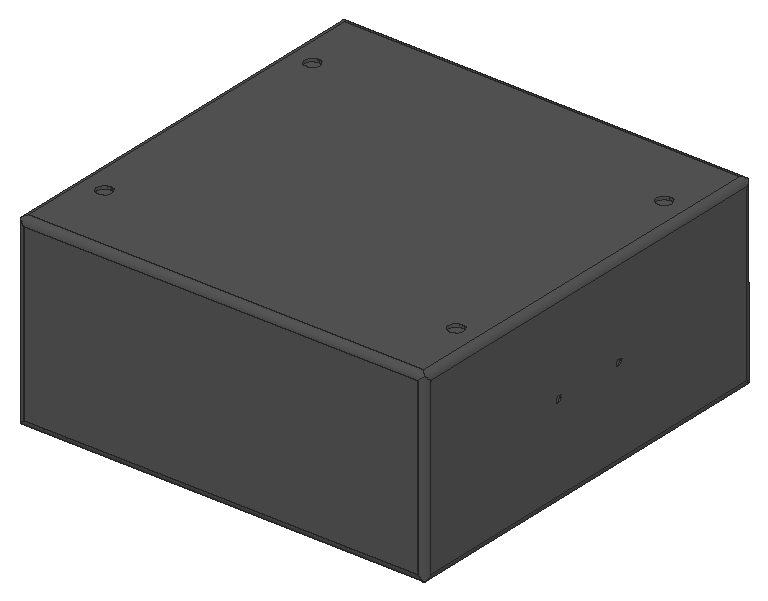
Revit family "Electronics_Community-Subwoofers_Biamp_VLF_208LV__", category Communication Devices, host Face, Revit 2020
Family settings
  Host = Face
  Maintain Annotation Orientation = No
  Round Connector Dimension = Use Diameter
  Part Type = Normal
  OmniClass Number = 23.85.10.11.14.14.14
  OmniClass Title = Loudspeakers
  Cut with Voids When Loaded = No
  Shared = No
  Room Calculation Point = No
Parameters (values of type "VLF208LV B")
  Width = 1' - 9 3/4"  # constant formula
  Weight = 48.00 lbf  # constant formula
  URL = "https://www.biamp.com/"
  U-bracket [instance] = no
  Sensitivity (1W/1m) = "93 dB SPL (40 Hz to 200 Hz 1/3 octave bands)"  # constant formula
  Recommended Signal Processing = "40 Hz, 24 dB high pass filter "  # constant formula
  Recommended Power Amplifier = "630W to 900W @ 4 ohms"  # constant formula
  Product data url = "https://www.bimobject.com/biamp/product/vlf208lv_community-subwoofer"
  Product Page URL = "https://www.biamp.com/products/product-families/community/community-subwoofers#vlf208lv"
  Product Documentation Link = "https://downloads.biamp.com/assets/docs/default-source/data-sheets/biamp_data_sheet_community_vlf208lv.pdf"
  Optional Accessories = "VLF-SAB steered array bracket, M10EYBLTKIT 10mm eyebolt kit, STKIT seat track kit"  # constant formula
  Operating Range = "30 Hz to 1000 Hz, 40 Hz to 200 Hz (±3 dB)"  # constant formula
  Nominal –6dB Beamwidth = "360° H x 180° V "  # constant formula
  Nominal Impedance = "4 ohms "  # constant formula
  Nom U-bracket [instance] = not([U-bracket])  # yes
  Nom Distances [instance] = if([U-bracket], 1' 0 59/256", 0' 0")  # 0' - 0"
  Nom Angle [instance] = if([U-bracket], 180.00°, 0.00°)  # 0.00°
  Mounting/Rigging Provisions = "(12) M10 hang points"  # constant formula
  Model = "VLF208LV B"
  Minimum Impedance = "3.9 ohms @ 160 Hz "  # constant formula
  Maximum Output = "119 dB SPL / 126 dB SPL (peak) "  # constant formula
  Material of U-bracket = Biamp - Metal - Black
  Manufacturer = "Biamp"  # constant formula
  Loudspeaker Type = "Compact, direct-radiating subwoofer"  # constant formula
  Input Connection = "(2) NL4-compatible locking connector, (1) 2 conductor barrier strip"  # constant formula
  Housing Material = Biamp - Plastic - Black
  Height = 0' - 10 51/256"  # constant formula
  Grill Material = Biamp - Plastic - Black(Grid)
  Enclosure = "11-ply cross-laminated birch"  # constant formula
  Drivers = "LF (2) 8 inches"  # constant formula
  Description = "VLF208LV Versatile Low Frequency Dual 8-Inch Large Volume Compact Subwoofer"  # constant formula
  Depth = 1' - 9 3/4"  # constant formula
  Default Elevation = 4' - 0"
  Connector Description = "NL4, Terminal strip; 400W continuous, 1000W program, 4 ohms 40 volts RMS, 89 volts momentary peak"  # constant formula
  Axial Q / DI = "1/0, 40 Hz to 200 Hz"  # constant formula
Types (2): name | Model | Material of U-bracket | Housing Material | Grill Material
  VLF208LV B | "VLF208LV B" | Biamp - Metal - Black | Biamp - Plastic - Black | Biamp - Plastic - Black(Grid)
  VLF208LV W | "VLF208LV W" | Biamp - Metal - White | Biamp - Plastic - White | Biamp - Plastic - White(Grid)
Reference planes (in)
  plane 1 "Center (Front/Back)": y = 0
  plane 2: z = 0
  plane 3 "Center (Left/Right)": x = 0
Lines and regions (in)
  reference lines
    curve 1: line (-12, 0, 0) -> (12, 0, 0)
    curve 2: line (10.5, 0, 0) -> (0, 0, 0)
Dimensions and locks (in)
  "Nom Distances": curve 1 to plane 2
  "Nom Angle": angle curve 1 to curve 2
  aligned and locked: plane 2 to host face
  aligned and locked: level to host face
  aligned and locked: plane 3 "Center (Left/Right)" to nested 1
  aligned and locked: plane 1 "Center (Front/Back)" to nested 1
  aligned and locked: plane 3 "Center (Left/Right)" to curve 2
  aligned and locked: curve 1 to curve 2
  aligned and locked: nested 2 to curve 2
Automatic sketch dimensions
  host sketch curve to host sketch curve = 8' - 0"  (x2)
  curve 1 to plane 3 "Center (Left/Right)" = 1' - 0"
  plane 3 "Center (Left/Right)" to curve 1 = 1' - 0"
Nested families (in)
  nested 1: "U-bracket" at (0, 0, 0), Mounting Material <- "Material of U-bracket", visible <- "U-bracket", type "U-bracket"
    with Mounting Material Biamp - Metal - Black
  nested 2: "Biamp_VLF_208LV" at (0, 0, 0), Grill Material <- "Grill Material", Housing Material <- "Housing Material", Position <- "Nom U-bracket", type "VLF208LV B"
    with Position yes, Housing Material Biamp - Plastic - Black, Grill Material Biamp - Plastic - Black(Grid)
Connectors (in)
  electrical at (-0.09423, 10.875, 3.19747), driven by "Connector Description"
    settings: on nested 2, index 1, voltage 0 V, apparent load 0 VA, apparent load phase1 0 VA, apparent load phase2 0 VA, apparent load phase3 0 VA, power factor 1, load classification "Other", number of poles 1, system type 5, power factor state 1, is connector primary yes, connector utility no, sub classification motor no, connector description "NL4, Terminal strip; 400W continuous, 1000W program, 4 ohms 40 volts RMS, 89 volts momentary peak"
  electrical at (-1.59423, 10.875, 3.19747), driven by "Connector Description"
    settings: on nested 2, index 2, voltage 0 V, apparent load 0 VA, apparent load phase1 0 VA, apparent load phase2 0 VA, apparent load phase3 0 VA, power factor 1, load classification "Other", number of poles 1, system type 5, power factor state 1, is connector primary no, connector utility no, sub classification motor no, connector description "NL4, Terminal strip; 400W continuous, 1000W program, 4 ohms 40 volts RMS, 89 volts momentary peak"
  electrical at (-2.99423, 10.875, 3.36548), driven by "Connector Description"
    settings: on nested 2, index 3, voltage 0 V, apparent load 0 VA, apparent load phase1 0 VA, apparent load phase2 0 VA, apparent load phase3 0 VA, power factor 1, load classification "Other", number of poles 1, system type 5, power factor state 1, is connector primary no, connector utility no, sub classification motor no, connector description "NL4, Terminal strip; 400W continuous, 1000W program, 4 ohms 40 volts RMS, 89 volts momentary peak"
Definition of nested family "U-bracket"
  Parameters (values of type "U-bracket")
    URL = "https://www.biamp.com/"
    Mounting Material [instance] = none
    Manufacturer = "Biamp"  # constant formula
    Height = 0' - 0"
    Default Elevation = 4' - 0"
  Reference planes (in)
    plane 1 "Center (Front/Back)": y = 0
    plane 2: z = 0
    plane 3 "Center (Left/Right)": x = 0
  Forms (in)
    Extrusion 1, solid
      sketch origin (0, 0, 0) x (1, 0, 0) y (0, 1, 0)
        loop
          line (-48, 48) -> (-48, -48) -> (48, -48) -> (48, 48) -> (-48, 48)
      from 0 to -12
    Extrusion 2, solid, material <- "Mounting Material"
      sketch origin (0, 0, 0) x (1, 0, 0) y (0, 0, 1)
        loop
          line (-10.875, 0) -> (10.875, 0)
          arc (10.875, 0) -> (10.95852, 0.03459) -> (10.99311, 0.11811) r 0.11811
          line (10.99311, 0.11811) -> (10.99311, 7.6) -> (10.875, 7.6) -> (10.875, 0.23622)
          arc (10.875, 0.23622) -> (10.84041, 0.1527) -> (10.75689, 0.11811) r 0.11811
          line (10.75689, 0.11811) -> (-10.75689, 0.11811)
          arc (-10.75689, 0.11811) -> (-10.84041, 0.1527) -> (-10.875, 0.23622) r 0.11811
          line (-10.875, 0.23622) -> (-10.875, 7.6) -> (-10.99311, 7.6) -> (-10.99311, 0.11811)
          arc (-10.99311, 0.11811) -> (-10.95852, 0.03459) -> (-10.875, 0) r 0.11811
      from -2.6 to 2.6
    Extrusion 3, void
      sketch origin (0, 0, 1.5) x (0, 1, 0) y (0, 0, 1)
        loop
          line (-2.19685, 5.5) -> (-2.19685, 5.1063)
          arc (-2.19685, 5.1063) -> (-2, 4.90945) -> (-1.80315, 5.1063) r 0.19685
          line (-1.80315, 5.1063) -> (-1.80315, 5.5)
          arc (-1.80315, 5.5) -> (-2, 5.69685) -> (-2.19685, 5.5) r 0.19685
        loop
          arc (2.19685, 5.5) -> (2, 5.69685) -> (1.80315, 5.5) r 0.19685
          line (1.80315, 5.5) -> (1.80315, 5.1063)
          arc (1.80315, 5.1063) -> (2, 4.90945) -> (2.19685, 5.1063) r 0.19685
          line (2.19685, 5.1063) -> (2.19685, 5.5)
      from 10.875 to 10.99311
    Extrusion 4, void
      sketch origin (0, 0, 1.5) x (0, 1, 0) y (0, 0, -1)
        loop
          arc (-2.19685, -5.5) -> (-2, -5.69685) -> (-1.80315, -5.5) r 0.19685
          line (-1.80315, -5.5) -> (-1.80315, -5.1063)
          arc (-1.80315, -5.1063) -> (-2, -4.90945) -> (-2.19685, -5.1063) r 0.19685
          line (-2.19685, -5.1063) -> (-2.19685, -5.5)
        loop
          line (2.19685, -5.5) -> (2.19685, -5.1063)
          arc (2.19685, -5.1063) -> (2, -4.90945) -> (1.80315, -5.1063) r 0.19685
          line (1.80315, -5.1063) -> (1.80315, -5.5)
          arc (1.80315, -5.5) -> (2, -5.69685) -> (2.19685, -5.5) r 0.19685
      from 10.875 to 10.99311
    Extrusion 5, void
      sketch origin (0, 0, 0) x (1, 0, 0) y (0, 1, 0)
        loop
          line (-0.19685, -2.19685) -> (0.19685, -2.19685)
          arc (0.19685, -2.19685) -> (0.3937, -2) -> (0.19685, -1.80315) r 0.19685
          line (0.19685, -1.80315) -> (-0.19685, -1.80315)
          arc (-0.19685, -1.80315) -> (-0.3937, -2) -> (-0.19685, -2.19685) r 0.19685
        loop
          arc (-0.19685, 2.19685) -> (-0.3937, 2) -> (-0.19685, 1.80315) r 0.19685
          line (-0.19685, 1.80315) -> (0.19685, 1.80315)
          arc (0.19685, 1.80315) -> (0.3937, 2) -> (0.19685, 2.19685) r 0.19685
          line (0.19685, 2.19685) -> (-0.19685, 2.19685)
        loop
          arc (-2.19685, -0.19685) -> (-2, -0.3937) -> (-1.80315, -0.19685) r 0.19685
          line (-1.80315, -0.19685) -> (-1.80315, 0.19685)
          arc (-1.80315, 0.19685) -> (-2, 0.3937) -> (-2.19685, 0.19685) r 0.19685
          line (-2.19685, 0.19685) -> (-2.19685, -0.19685)
        loop
          line (2.19685, -0.19685) -> (2.19685, 0.19685)
          arc (2.19685, 0.19685) -> (2, 0.3937) -> (1.80315, 0.19685) r 0.19685
          line (1.80315, 0.19685) -> (1.80315, -0.19685)
          arc (1.80315, -0.19685) -> (2, -0.3937) -> (2.19685, -0.19685) r 0.19685
        loop
          line (8.46457, -2.19685) -> (8.85827, -2.19685)
          arc (8.85827, -2.19685) -> (9.05512, -2) -> (8.85827, -1.80315) r 0.19685
          line (8.85827, -1.80315) -> (8.46457, -1.80315)
          arc (8.46457, -1.80315) -> (8.26772, -2) -> (8.46457, -2.19685) r 0.19685
        loop
          arc (8.46457, 2.19685) -> (8.26772, 2) -> (8.46457, 1.80315) r 0.19685
          line (8.46457, 1.80315) -> (8.85827, 1.80315)
          arc (8.85827, 1.80315) -> (9.05512, 2) -> (8.85827, 2.19685) r 0.19685
          line (8.85827, 2.19685) -> (8.46457, 2.19685)
        loop
          arc (-8.46457, -2.19685) -> (-8.26772, -2) -> (-8.46457, -1.80315) r 0.19685
          line (-8.46457, -1.80315) -> (-8.85827, -1.80315)
          arc (-8.85827, -1.80315) -> (-9.05512, -2) -> (-8.85827, -2.19685) r 0.19685
          line (-8.85827, -2.19685) -> (-8.46457, -2.19685)
        loop
          line (-8.46457, 2.19685) -> (-8.85827, 2.19685)
          arc (-8.85827, 2.19685) -> (-9.05512, 2) -> (-8.85827, 1.80315) r 0.19685
          line (-8.85827, 1.80315) -> (-8.46457, 1.80315)
          arc (-8.46457, 1.80315) -> (-8.26772, 2) -> (-8.46457, 2.19685) r 0.19685
        loop
          circle (3.91942, 0) r 0.49213
        loop
          circle (-3.91942, 0) r 0.49213
      from 0 to 0.11811
    Extrusion 6, void
      sketch origin (0, 0, 1.5) x (0, 1, 0) y (0, 0, 1)
        loop
          line (-2.6, 6.1) -> (-2.6, 5.7063)
          arc (-2.6, 5.7063) -> (-2.48469, 5.98469) -> (-2.2063, 6.1) r 0.3937
          line (-2.2063, 6.1) -> (-2.6, 6.1)
        loop
          line (2.6, 6.1) -> (2.2063, 6.1)
          arc (2.2063, 6.1) -> (2.48469, 5.98469) -> (2.6, 5.7063) r 0.3937
          line (2.6, 5.7063) -> (2.6, 6.1)
      from 10.875 to 10.99311
    Extrusion 7, void
      sketch origin (0, 0, 1.5) x (0, 1, 0) y (0, 0, -1)
        loop
          line (-2.6, -6.1) -> (-2.2063, -6.1)
          arc (-2.2063, -6.1) -> (-2.48469, -5.98469) -> (-2.6, -5.7063) r 0.3937
          line (-2.6, -5.7063) -> (-2.6, -6.1)
        loop
          line (2.6, -6.1) -> (2.6, -5.7063)
          arc (2.6, -5.7063) -> (2.48469, -5.98469) -> (2.2063, -6.1) r 0.3937
          line (2.2063, -6.1) -> (2.6, -6.1)
      from 10.875 to 10.99311
    Extrusion 8, solid, material <- "Mounting Material"
      sketch origin (0, 0, 0) x (0, 1, 0) y (0, 0, 1)
        loop
          line (-1.80679, 6.66535) -> (-1.61358, 7) -> (-1.80679, 7.33465) -> (-2.19321, 7.33465) -> (-2.38642, 7) -> (-2.19321, 6.66535) -> (-1.80679, 6.66535)
        loop
          line (1.80679, 6.66535) -> (2.19321, 6.66535) -> (2.38642, 7) -> (2.19321, 7.33465) -> (1.80679, 7.33465) -> (1.61358, 7) -> (1.80679, 6.66535)
      from 10.99311 to 11.24508
    Extrusion 9, solid, material <- "Mounting Material"
      sketch origin (0, 0, 0) x (0, 1, 0) y (0, 0, -1)
        loop
          line (-1.80679, -6.66535) -> (-2.19321, -6.66535) -> (-2.38642, -7) -> (-2.19321, -7.33465) -> (-1.80679, -7.33465) -> (-1.61358, -7) -> (-1.80679, -6.66535)
        loop
          line (1.80679, -6.66535) -> (1.61358, -7) -> (1.80679, -7.33465) -> (2.19321, -7.33465) -> (2.38642, -7) -> (2.19321, -6.66535) -> (1.80679, -6.66535)
      from 10.99311 to 11.24508
  Cuts and joins
    Extrusion 3, Extrusion 4, Extrusion 5, Extrusion 6, Extrusion 7 cuts Extrusion 2
  Lines and regions (in)
    Masking region 1
      outline origin (0, 0, 0) x (1, 0, 0) y (0, 0, 1)
        loop
          line (-10.875, 0.23622) -> (-10.875, 7.6) -> (-10.99311, 7.6) -> (-10.99311, 0.11811)
          arc (-10.99311, 0.11811) -> (-10.95852, 0.03459) -> (-10.875, 0) r 0.11811
          line (-10.875, 0) -> (10.875, 0)
          arc (10.875, 0) -> (10.95852, 0.03459) -> (10.99311, 0.11811) r 0.11811
          line (10.99311, 0.11811) -> (10.99311, 7.6) -> (10.875, 7.6) -> (10.875, 0.23622)
          arc (10.875, 0.23622) -> (10.84041, 0.1527) -> (10.75689, 0.11811) r 0.11811
          line (10.75689, 0.11811) -> (-10.75689, 0.11811)
          arc (-10.75689, 0.11811) -> (-10.84041, 0.1527) -> (-10.875, 0.23622) r 0.11811
    Masking region 2
      outline origin (0, 0, 0) x (0, 1, 0) y (0, 0, 1)
        loop
          line (-1.80315, 6.6063) -> (-1.80315, 6.66535) -> (-2.19685, 6.66535) -> (-2.19685, 6.6063)
          arc (-2.19685, 6.6063) -> (-2, 6.40945) -> (-1.80315, 6.6063) r 0.19685
        loop
          arc (1.80315, 6.6063) -> (2, 6.40945) -> (2.19685, 6.6063) r 0.19685
          line (2.19685, 6.6063) -> (2.19685, 6.66535) -> (1.80315, 6.66535) -> (1.80315, 6.6063)
        loop
          arc (-2.2063, 7.6) -> (-2.48469, 7.48469) -> (-2.6, 7.2063) r 0.3937
          line (-2.6, 7.2063) -> (-2.6, 0) -> (2.6, 0) -> (2.6, 7.2063)
          arc (2.6, 7.2063) -> (2.48469, 7.48469) -> (2.2063, 7.6) r 0.3937
          line (2.2063, 7.6) -> (-2.2063, 7.6)
    Masking region 3
      outline origin (0, 0, 0) x (1, 0, 0) y (0, 1, 0)
        loop
          line (10.99311, 2.6) -> (-10.99311, 2.6) -> (-10.99311, -2.6) -> (10.99311, -2.6) -> (10.99311, 2.6)
        loop
          circle (-3.91942, 0) r 0.49213
        loop
          line (-2.19685, 0.19685) -> (-2.19685, -0.19685)
          arc (-2.19685, -0.19685) -> (-2, -0.3937) -> (-1.80315, -0.19685) r 0.19685
          line (-1.80315, -0.19685) -> (-1.80315, 0.19685)
          arc (-1.80315, 0.19685) -> (-2, 0.3937) -> (-2.19685, 0.19685) r 0.19685
        loop
          line (-0.19685, 1.80315) -> (0.19685, 1.80315)
          arc (0.19685, 1.80315) -> (0.3937, 2) -> (0.19685, 2.19685) r 0.19685
          line (0.19685, 2.19685) -> (-0.19685, 2.19685)
          arc (-0.19685, 2.19685) -> (-0.3937, 2) -> (-0.19685, 1.80315) r 0.19685
        loop
          line (8.85827, 2.19685) -> (8.46457, 2.19685)
          arc (8.46457, 2.19685) -> (8.26772, 2) -> (8.46457, 1.80315) r 0.19685
          line (8.46457, 1.80315) -> (8.85827, 1.80315)
          arc (8.85827, 1.80315) -> (9.05512, 2) -> (8.85827, 2.19685) r 0.19685
        loop
          line (-8.46457, 2.19685) -> (-8.85827, 2.19685)
          arc (-8.85827, 2.19685) -> (-9.05512, 2) -> (-8.85827, 1.80315) r 0.19685
          line (-8.85827, 1.80315) -> (-8.46457, 1.80315)
          arc (-8.46457, 1.80315) -> (-8.26772, 2) -> (-8.46457, 2.19685) r 0.19685
        loop
          arc (-0.19685, -1.80315) -> (-0.3937, -2) -> (-0.19685, -2.19685) r 0.19685
          line (-0.19685, -2.19685) -> (0.19685, -2.19685)
          arc (0.19685, -2.19685) -> (0.3937, -2) -> (0.19685, -1.80315) r 0.19685
          line (0.19685, -1.80315) -> (-0.19685, -1.80315)
        loop
          arc (8.85827, -2.19685) -> (9.05512, -2) -> (8.85827, -1.80315) r 0.19685
          line (8.85827, -1.80315) -> (8.46457, -1.80315)
          arc (8.46457, -1.80315) -> (8.26772, -2) -> (8.46457, -2.19685) r 0.19685
          line (8.46457, -2.19685) -> (8.85827, -2.19685)
        loop
          arc (-8.46457, -2.19685) -> (-8.26772, -2) -> (-8.46457, -1.80315) r 0.19685
          line (-8.46457, -1.80315) -> (-8.85827, -1.80315)
          arc (-8.85827, -1.80315) -> (-9.05512, -2) -> (-8.85827, -2.19685) r 0.19685
          line (-8.85827, -2.19685) -> (-8.46457, -2.19685)
        loop
          circle (3.91942, 0) r 0.49213
        loop
          arc (2.19685, 0.19685) -> (2, 0.3937) -> (1.80315, 0.19685) r 0.19685
          line (1.80315, 0.19685) -> (1.80315, -0.19685)
          arc (1.80315, -0.19685) -> (2, -0.3937) -> (2.19685, -0.19685) r 0.19685
          line (2.19685, -0.19685) -> (2.19685, 0.19685)
    Masking region 4
      outline origin (0, 0, 0) x (1, 0, 0) y (0, 1, 0)
        loop
          line (-11.24508, 2.38642) -> (-11.24508, 1.61358) -> (-10.99311, 1.61358) -> (-10.99311, 2.38642) -> (-11.24508, 2.38642)
        loop
          line (11.24508, 2.38642) -> (10.99311, 2.38642) -> (10.99311, 1.61358) -> (11.24508, 1.61358) -> (11.24508, 2.38642)
        loop
          line (-11.24508, -2.38642) -> (-10.99311, -2.38642) -> (-10.99311, -1.61358) -> (-11.24508, -1.61358) -> (-11.24508, -2.38642)
        loop
          line (11.24508, -2.38642) -> (11.24508, -1.61358) -> (10.99311, -1.61358) -> (10.99311, -2.38642) -> (11.24508, -2.38642)
    symbolic lines
      curve 1: line (-10.875, 2.6, 0) -> (-10.875, -2.6, 0)
      curve 2: line (10.875, 2.6, 0) -> (10.875, -2.6, 0)
      curve 3: line (-11.24508, 2.19321, 0) -> (-10.98544, 2.19321, 0)
      curve 4: line (-10.99311, 1.80679, 0) -> (-11.24508, 1.80679, 0)
      curve 5: line (11.24508, 2.19321, 0) -> (10.98544, 2.19321, 0)
      curve 6: line (10.99311, 1.80679, 0) -> (11.24508, 1.80679, 0)
      curve 7: line (-11.24508, -2.19321, 0) -> (-10.98544, -2.19321, 0)
      curve 8: line (-10.99311, -1.80679, 0) -> (-11.24508, -1.80679, 0)
      curve 9: line (11.24508, -2.19321, 0) -> (10.98544, -2.19321, 0)
      curve 10: line (10.99311, -1.80679, 0) -> (11.24508, -1.80679, 0)
      curve 11: line (0, -2.19321, 7.33465) -> (0, -2.38642, 7)
      curve 12: line (0, -2.19321, 7.33465) -> (0, -1.80679, 7.33465)
      curve 13: line (0, -1.80679, 7.33465) -> (0, -1.61358, 7)
      curve 14: line (0, -1.61358, 7) -> (0, -1.80315, 6.66535)
      curve 15: line (0, -2.38642, 7) -> (0, -2.19685, 6.66535)
      curve 16: line (0, 2.19321, 7.33465) -> (0, 2.38642, 7)
      curve 17: line (0, 2.19321, 7.33465) -> (0, 1.80679, 7.33465)
      curve 18: line (0, 1.80679, 7.33465) -> (0, 1.61358, 7)
      curve 19: line (0, 1.61358, 7) -> (0, 1.80315, 6.66535)
      curve 20: line (0, 2.38642, 7) -> (0, 2.19685, 6.66535)
  Dimensions and locks (in)
    aligned and locked: plane 2 to Extrusion 1
    aligned and locked: level to Extrusion 1
Definition of nested family "Biamp_VLF_208LV"
  Parameters (values of type "VLF208LV B")
    Width = 1' - 9 3/4"  # constant formula
    URL = ""
    Position [instance] = yes
    Model = ""
    Manufacturer = ""
    Housing Material [instance] = none
    Height = 0' - 10 51/256"  # constant formula
    Grill Material [instance] = none
    Description = ""
    Depth = 1' - 9 3/4"  # constant formula
    Default Elevation = 4' - 0"
  Reference planes (in)
    plane 1 "Center (Front/Back)": y = 0
    plane 2: z = 0
    plane 3 "Center (Left/Right)": x = 0
    plane 4: y = 10.875
    plane 5: y = -10.875
    plane 6: x = -10.875
    plane 7: x = 10.875
    plane 8: z = 10.232
    plane 9: z = 0.232
    plane 10: z = 0.357
    plane 11: z = 10.107
    plane 12: x = 10.75
    plane 13: x = -10.75
    plane 14: y = 10.8125
  Forms (in)
    Extrusion 1, solid
      sketch origin (0, 0, 0) x (1, 0, 0) y (0, 1, 0)
        loop
          line (-48, 48) -> (-48, -48) -> (48, -48) -> (48, 48) -> (-48, 48)
      from 0 to -12
    Extrusion 2, solid, material <- "Housing Material", detail levels medium+fine
      sketch origin (0, 0, 0) x (1, 0, 0) y (0, 1, 0)
        loop
          line (-10.875, 10.5) -> (-10.875, -10.5)
          arc (-10.875, -10.5) -> (-10.76517, -10.76517) -> (-10.5, -10.875) r 0.375
          line (-10.5, -10.875) -> (10.5, -10.875)
          arc (10.5, -10.875) -> (10.76517, -10.76517) -> (10.875, -10.5) r 0.375
          line (10.875, -10.5) -> (10.875, 10.5)
          arc (10.875, 10.5) -> (10.76517, 10.76517) -> (10.5, 10.875) r 0.375
          line (10.5, 10.875) -> (-10.5, 10.875)
          arc (-10.5, 10.875) -> (-10.76517, 10.76517) -> (-10.875, 10.5) r 0.375
      from 0.232 to 10.232
    Extrusion 3, solid, material <- "Housing Material", visible <- "Position", detail levels medium+fine
      sketch origin (0, 0, 0) x (1, 0, 0) y (0, 1, 0)
        loop
          circle (-9.379, 9.379) r 0.8
        loop
          circle (9.379, 9.379) r 0.8
        loop
          circle (9.379, -9.379) r 0.8
        loop
          circle (-9.379, -9.379) r 0.8
      from 0 to 0.232
    Extrusion 4, void
      sketch origin (0, 0, 0) x (1, 0, 0) y (0, 1, 0)
        loop
          circle (-9.3663, 6.92107) r 0.4
        loop
          circle (9.3663, 6.92107) r 0.4
        loop
          circle (9.3663, -6.92107) r 0.4
        loop
          circle (-9.3663, -6.92107) r 0.4
      from 0.232 to 0.357
    Extrusion 5, void
      sketch origin (0, 0, 10.464) x (0, -1, 0) y (1, 0, 0)
        loop
          circle (-6.92107, -9.3663) r 0.4
        loop
          circle (-6.92107, 9.3663) r 0.4
        loop
          circle (6.92107, 9.3663) r 0.4
        loop
          circle (6.92107, -9.3663) r 0.4
      from -0.357 to -0.232
    Extrusion 6, void
      sketch origin (0, 0, 0) x (1, 0, 0) y (0, 0, 1)
        loop
          line (-10.875, 10.232) -> (-10.875, 9.857)
          arc (-10.875, 9.857) -> (-10.76517, 10.12217) -> (-10.5, 10.232) r 0.375
          line (-10.5, 10.232) -> (-10.875, 10.232)
        loop
          line (10.875, 10.232) -> (10.5, 10.232)
          arc (10.5, 10.232) -> (10.76517, 10.12217) -> (10.875, 9.857) r 0.375
          line (10.875, 9.857) -> (10.875, 10.232)
        loop
          line (-10.875, 0.232) -> (-10.5, 0.232)
          arc (-10.5, 0.232) -> (-10.76517, 0.34183) -> (-10.875, 0.607) r 0.375
          line (-10.875, 0.607) -> (-10.875, 0.232)
        loop
          line (10.875, 0.232) -> (10.875, 0.607)
          arc (10.875, 0.607) -> (10.76517, 0.34183) -> (10.5, 0.232) r 0.375
          line (10.5, 0.232) -> (10.875, 0.232)
      from -10.875 to 10.875
    Extrusion 7, void
      sketch origin (0, 0, 0) x (0, 1, 0) y (0, 0, 1)
        loop
          line (-10.875, 10.232) -> (-10.875, 9.857)
          arc (-10.875, 9.857) -> (-10.76517, 10.12217) -> (-10.5, 10.232) r 0.375
          line (-10.5, 10.232) -> (-10.875, 10.232)
        loop
          line (10.875, 10.232) -> (10.5, 10.232)
          arc (10.5, 10.232) -> (10.76517, 10.12217) -> (10.875, 9.857) r 0.375
          line (10.875, 9.857) -> (10.875, 10.232)
        loop
          line (-10.875, 0.232) -> (-10.5, 0.232)
          arc (-10.5, 0.232) -> (-10.76517, 0.34183) -> (-10.875, 0.607) r 0.375
          line (-10.875, 0.607) -> (-10.875, 0.232)
        loop
          line (10.875, 0.232) -> (10.875, 0.607)
          arc (10.875, 0.607) -> (10.76517, 0.34183) -> (10.5, 0.232) r 0.375
          line (10.5, 0.232) -> (10.875, 0.232)
      from -10.875 to 10.875
    Extrusion 8, void
      sketch origin (0, 0, 0) x (1, 0, 0) y (0, 0, 1)
        loop
          line (-10.5, 9.85701) -> (-10.5, 0.607) -> (10.50001, 0.607) -> (10.50001, 9.85701) -> (-10.5, 9.85701)
      from 10.5 to 10.875
    Extrusion 9, solid, material <- "Grill Material", detail levels medium+fine
      sketch origin (0, 0, 0) x (1, 0, 0) y (0, 1, 0)
        loop
          line (-10.5, -10.6875) -> (-10.5, -10.875) -> (10.50001, -10.875) -> (10.50001, -10.6875) -> (-10.5, -10.6875)
      from 0.607 to 9.85701
    Extrusion 10, void
      sketch origin (0, 0, 0) x (0, 1, 0) y (0, 0, 1)
        loop
          circle (-2, 5.232) r 0.19685
        loop
          circle (2, 5.232) r 0.19685
      from 10.75 to 10.875
    Extrusion 11, void
      sketch origin (0, 0, 0) x (0, 1, 0) y (0, 0, -1)
        loop
          circle (-2, -5.232) r 0.19685
        loop
          circle (2, -5.232) r 0.19685
      from 10.75 to 10.875
    Extrusion 12, solid, material <- "Housing Material", detail levels coarse
      sketch origin (0, 0, 0) x (1, 0, 0) y (0, 1, 0)
        loop
          arc (-10.5, 10.875) -> (-10.76517, 10.76517) -> (-10.875, 10.5) r 0.375
          line (-10.875, 10.5) -> (-10.875, -10.5)
          arc (-10.875, -10.5) -> (-10.76517, -10.76517) -> (-10.5, -10.875) r 0.375
          line (-10.5, -10.875) -> (10.5, -10.875)
          arc (10.5, -10.875) -> (10.76517, -10.76517) -> (10.875, -10.5) r 0.375
          line (10.875, -10.5) -> (10.875, 10.5)
          arc (10.875, 10.5) -> (10.76517, 10.76517) -> (10.5, 10.875) r 0.375
          line (10.5, 10.875) -> (-10.5, 10.875)
      from 0 to 10.232
    Extrusion 13, void
      sketch origin (-1.89992, -0.35357, -10.80146) x (-1, 0, 0) y (0, 0, 1)
        loop
          line (-2.95392, 15.52546) -> (-2.95392, 13.34546) -> (1.42608, 13.34546) -> (1.42608, 15.52546) -> (-2.95392, 15.52546)
      from 11.08886 to 11.22857
    Extrusion 14, solid, material <- "Housing Material", detail levels medium+fine
      sketch origin (-1.858, -0.35357, -11.51012) x (1, 0, 0) y (0, 0, 1)
        loop
          line (-0.80446, 15.36609) -> (-0.80446, 14.05412) -> (1.36433, 14.05412) -> (1.36433, 15.36609) -> (-0.80446, 15.36609)
      from -11.08886 to -10.94488
    Extrusion 15, solid, material <- "Housing Material", detail levels medium+fine
      sketch origin (-1.88257, -0.35357, -10.5375) x (1, 0, 0) y (0, 0, 1)
        loop
          line (-1.44343, 14.74345) -> (-1.44343, 13.0815) -> (-0.77988, 13.0815) -> (-0.77988, 14.74345) -> (-1.44343, 14.74345)
      from -11.08886 to -10.94488
    Extrusion 16, solid, material <- "Housing Material", detail levels medium+fine
      sketch origin (-0.87349, 4.19356, -5.50619) x (1, 0, 0) y (0, 0, 1)
        loop
          arc (-0.99923, 8.33355) -> (-0.34851, 8.42519) -> (-0.42545, 9.07782) r 0.47
          arc (-0.42545, 9.07782) -> (-1.09296, 8.99912) -> (-0.99923, 8.33355) r 0.47
      from -6.54173 to -6.61159
    Extrusion 17, solid, material <- "Housing Material", detail levels medium+fine
      sketch origin (-0.87349, 4.22678, -5.50619) x (1, 0, 0) y (0, 0, 1)
        loop
          line (-0.78223, 8.37395) -> (-0.79341, 8.31246)
          arc (-0.79341, 8.31246) -> (-0.72074, 8.3059) -> (-0.64806, 8.31246) r 0.40625
          line (-0.64806, 8.31246) -> (-0.65924, 8.37395)
          arc (-0.65924, 8.37395) -> (-0.37826, 8.68253) -> (-0.60208, 9.03478) r 0.34375
          line (-0.60208, 9.03478) -> (-0.5805, 9.09343)
          arc (-0.5805, 9.09343) -> (-0.72074, 9.1184) -> (-0.86097, 9.09343) r 0.40625
          line (-0.86097, 9.09343) -> (-0.8394, 9.03478)
          arc (-0.8394, 9.03478) -> (-1.06321, 8.68253) -> (-0.78223, 8.37395) r 0.34375
      from -6.64822 to -6.57837
    Extrusion 18, solid, material <- "Housing Material", detail levels medium+fine
      sketch origin (-0.87349, 4.22678, -5.50619) x (1, 0, 0) y (0, 0, 1)
        loop
          circle (-2.12074, 9.4576) r 0.125
        loop
          circle (-2.12074, 9.0706) r 0.0785
        loop
          circle (-2.12074, 8.6956) r 0.0785
        loop
          circle (-2.12074, 8.3086) r 0.125
      from -6.64822 to -6.50851
    Extrusion 19, solid, material <- "Housing Material", detail levels medium+fine
      sketch origin (0.62651, 4.19356, -5.50619) x (1, 0, 0) y (0, 0, 1)
        loop
          arc (-0.99923, 8.33355) -> (-0.34851, 8.42519) -> (-0.42545, 9.07782) r 0.47
          arc (-0.42545, 9.07782) -> (-1.09296, 8.99912) -> (-0.99923, 8.33355) r 0.47
      from -6.54173 to -6.61159
    Extrusion 20, solid, material <- "Housing Material", detail levels medium+fine
      sketch origin (0.62651, 4.22678, -5.50619) x (1, 0, 0) y (0, 0, 1)
        loop
          line (-0.78223, 8.37395) -> (-0.79341, 8.31246)
          arc (-0.79341, 8.31246) -> (-0.72074, 8.3059) -> (-0.64806, 8.31246) r 0.40625
          line (-0.64806, 8.31246) -> (-0.65924, 8.37395)
          arc (-0.65924, 8.37395) -> (-0.37826, 8.68253) -> (-0.60208, 9.03478) r 0.34375
          line (-0.60208, 9.03478) -> (-0.5805, 9.09343)
          arc (-0.5805, 9.09343) -> (-0.72074, 9.1184) -> (-0.86097, 9.09343) r 0.40625
          line (-0.86097, 9.09343) -> (-0.8394, 9.03478)
          arc (-0.8394, 9.03478) -> (-1.06321, 8.68253) -> (-0.78223, 8.37395) r 0.34375
      from -6.64822 to -6.57837
  Cuts and joins
    Extrusion 4, Extrusion 5, Extrusion 6, Extrusion 7, Extrusion 8, Extrusion 10, Extrusion 11, Extrusion 13 cuts Extrusion 2
    joined: Extrusion 2, Extrusion 14, Extrusion 15
  Lines and regions (in)
    Masking region 1
      outline origin (0, 0, 0) x (1, 0, 0) y (0, 1, 0)
        loop
          line (10.5, 10.875) -> (-10.5, 10.875)
          arc (-10.5, 10.875) -> (-10.76517, 10.76517) -> (-10.875, 10.5) r 0.375
          line (-10.875, 10.5) -> (-10.875, -10.5)
          arc (-10.875, -10.5) -> (-10.76517, -10.76517) -> (-10.5, -10.875) r 0.375
          line (-10.5, -10.875) -> (10.5, -10.875)
          arc (10.5, -10.875) -> (10.76517, -10.76517) -> (10.875, -10.5) r 0.375
          line (10.875, -10.5) -> (10.875, 10.5)
          arc (10.875, 10.5) -> (10.76517, 10.76517) -> (10.5, 10.875) r 0.375
    Masking region 2
      outline origin (0, 0, 0) x (1, 0, 0) y (0, 0, 1)
        loop
          line (-10.875, 9.857) -> (-10.875, 0.607)
          arc (-10.875, 0.607) -> (-10.76517, 0.34183) -> (-10.5, 0.232) r 0.375
          line (-10.5, 0.232) -> (-10.179, 0.232) -> (-10.179, 0) -> (-8.579, 0) -> (-8.579, 0.232) -> (8.579, 0.232) -> (8.579, 0) -> (10.179, 0) -> (10.179, 0.232) -> (10.5, 0.232)
          arc (10.5, 0.232) -> (10.76517, 0.34183) -> (10.875, 0.607) r 0.375
          line (10.875, 0.607) -> (10.875, 9.857)
          arc (10.875, 9.857) -> (10.76517, 10.12217) -> (10.5, 10.232) r 0.375
          line (10.5, 10.232) -> (-10.5, 10.232)
          arc (-10.5, 10.232) -> (-10.76517, 10.12217) -> (-10.875, 9.857) r 0.375
    Masking region 3
      outline origin (0, 0, 0) x (0, 1, 0) y (0, 0, 1)
        loop
          line (-10.875, 9.857) -> (-10.875, 0.607)
          arc (-10.875, 0.607) -> (-10.76517, 0.34183) -> (-10.5, 0.232) r 0.375
          line (-10.5, 0.232) -> (-10.179, 0.232) -> (-10.179, 0) -> (-8.579, 0) -> (-8.579, 0.232) -> (8.579, 0.232) -> (8.579, 0) -> (10.179, 0) -> (10.179, 0.232) -> (10.5, 0.232)
          arc (10.5, 0.232) -> (10.76517, 0.34183) -> (10.875, 0.607) r 0.375
          line (10.875, 0.607) -> (10.875, 9.857)
          arc (10.875, 9.857) -> (10.76517, 10.12217) -> (10.5, 10.232) r 0.375
          line (10.5, 10.232) -> (-10.5, 10.232)
          arc (-10.5, 10.232) -> (-10.76517, 10.12217) -> (-10.875, 9.857) r 0.375
    symbolic lines
      curve 1: line (-10.875, 10.5, 0) -> (-10.875, -10.5, 0)
      curve 2: arc (-10.875, -10.5, 0) -> (-10.76517, -10.76517, 0) -> (-10.5, -10.875, 0) r 0.375
      curve 3: line (-10.5, -10.875, 0) -> (10.5, -10.875, 0)
      curve 4: arc (10.5, -10.875, 0) -> (10.76517, -10.76517, 0) -> (10.875, -10.5, 0) r 0.375
      curve 5: line (10.875, -10.5, 0) -> (10.875, 10.5, 0)
      curve 6: arc (10.875, 10.5, 0) -> (10.76517, 10.76517, 0) -> (10.5, 10.875, 0) r 0.375
      curve 7: line (10.5, 10.875, 0) -> (-10.5, 10.875, 0)
      curve 8: arc (-10.5, 10.875, 0) -> (-10.76517, 10.76517, 0) -> (-10.875, 10.5, 0) r 0.375
      curve 9: arc (-9.3663, 6.52107, 0) -> (-9.7663, 6.92107, 0) -> (-9.3663, 7.32107, 0) r 0.4
      curve 10: arc (-9.3663, 7.32107, 0) -> (-8.9663, 6.92107, 0) -> (-9.3663, 6.52107, 0) r 0.4
      curve 11: arc (9.3663, 7.32107, 0) -> (9.7663, 6.92107, 0) -> (9.3663, 6.52107, 0) r 0.4
      curve 12: arc (9.3663, 6.52107, 0) -> (8.9663, 6.92107, 0) -> (9.3663, 7.32107, 0) r 0.4
      curve 13: arc (-9.3663, -6.52107, 0) -> (-9.7663, -6.92107, 0) -> (-9.3663, -7.32107, 0) r 0.4
      curve 14: arc (-9.3663, -7.32107, 0) -> (-8.9663, -6.92107, 0) -> (-9.3663, -6.52107, 0) r 0.4
      curve 15: arc (9.3663, -7.32107, 0) -> (9.7663, -6.92107, 0) -> (9.3663, -6.52107, 0) r 0.4
      curve 16: arc (9.3663, -6.52107, 0) -> (8.9663, -6.92107, 0) -> (9.3663, -7.32107, 0) r 0.4
      curve 17: line (10.5, 0, 10.232) -> (-10.5, 0, 10.232)
      curve 18: arc (-10.5, 0, 10.232) -> (-10.76517, 0, 10.12217) -> (-10.875, 0, 9.857) r 0.375
      curve 19: line (-10.875, 0, 9.857) -> (-10.875, 0, 0.607)
      curve 20: arc (-10.875, 0, 0.607) -> (-10.76517, 0, 0.34183) -> (-10.5, 0, 0.232) r 0.375
      curve 21: line (-10.5, 0, 0.232) -> (-10.179, 0, 0.232)
      curve 22: line (-10.179, 0, 0.232) -> (-10.179, 0, 0)
      curve 23: line (-10.179, 0, 0) -> (-8.579, 0, 0)
      curve 24: line (-8.579, 0, 0) -> (-8.579, 0, 0.232)
      curve 25: line (-8.579, 0, 0.232) -> (8.579, 0, 0.232)
      curve 26: line (8.579, 0, 0.232) -> (8.579, 0, 0)
      curve 27: line (8.579, 0, 0) -> (10.179, 0, 0)
      curve 28: line (10.179, 0, 0) -> (10.179, 0, 0.232)
      curve 29: line (10.179, 0, 0.232) -> (10.5, 0, 0.232)
      curve 30: arc (10.5, 0, 0.232) -> (10.76517, 0, 0.34183) -> (10.875, 0, 0.607) r 0.375
      curve 31: line (10.875, 0, 0.607) -> (10.875, 0, 9.857)
      curve 32: arc (10.875, 0, 9.857) -> (10.76517, 0, 10.12217) -> (10.5, 0, 10.232) r 0.375
      curve 33: line (10.50001, 0, 9.85701) -> (-10.5, 0, 9.85701)
      curve 34: line (-10.5, 0, 9.85701) -> (-10.5, 0, 0.607)
      curve 35: line (-10.5, 0, 0.607) -> (10.50001, 0, 0.607)
      curve 36: line (10.50001, 0, 0.607) -> (10.50001, 0, 9.85701)
      curve 37: line (-10.179, 0, 0.232) -> (-8.579, 0, 0.232)
      curve 38: line (8.579, 0, 0.232) -> (10.179, 0, 0.232)
      curve 39: line (0, 10.5, 10.232) -> (0, -10.5, 10.232)
      curve 40: arc (0, -10.5, 10.232) -> (0, -10.76517, 10.12217) -> (0, -10.875, 9.857) r 0.375
      curve 41: line (0, -10.875, 9.857) -> (0, -10.875, 0.607)
      curve 42: arc (0, -10.875, 0.607) -> (0, -10.76517, 0.34183) -> (0, -10.5, 0.232) r 0.375
      curve 43: line (0, -10.5, 0.232) -> (0, -10.179, 0.232)
      curve 44: line (0, -10.179, 0.232) -> (0, -10.179, 0)
      curve 45: line (0, -10.179, 0) -> (0, -8.579, 0)
      curve 46: line (0, -8.579, 0) -> (0, -8.579, 0.232)
      curve 47: line (0, -8.579, 0.232) -> (0, 8.579, 0.232)
      curve 48: line (0, 8.579, 0.232) -> (0, 8.579, 0)
      curve 49: line (0, 8.579, 0) -> (0, 10.179, 0)
      curve 50: line (0, 10.179, 0) -> (0, 10.179, 0.232)
      curve 51: line (0, 10.179, 0.232) -> (0, 10.5, 0.232)
      curve 52: arc (0, 10.5, 0.232) -> (0, 10.76517, 0.34183) -> (0, 10.875, 0.607) r 0.375
      curve 53: line (0, 10.875, 0.607) -> (0, 10.875, 9.857)
      curve 54: arc (0, 10.875, 9.857) -> (0, 10.76517, 10.12217) -> (0, 10.5, 10.232) r 0.375
      curve 55: line (0, -10.179, 0.232) -> (0, -8.579, 0.232)
      curve 56: line (0, 8.579, 0.232) -> (0, 10.179, 0.232)
      curve 57: arc (0, -2.19685, 5.232) -> (0, -2, 5.42885) -> (0, -1.80315, 5.232) r 0.19685
      curve 58: arc (0, -1.80315, 5.232) -> (0, -2, 5.03515) -> (0, -2.19685, 5.232) r 0.19685
      curve 59: arc (0, 1.80315, 5.232) -> (0, 2, 5.42885) -> (0, 2.19685, 5.232) r 0.19685
      curve 60: arc (0, 2.19685, 5.232) -> (0, 2, 5.03515) -> (0, 1.80315, 5.232) r 0.19685
  Dimensions and locks (in)
    plane 5 to plane 4 = 1' - 9 3/4"
    equal spacing: plane 4, plane 1 "Center (Front/Back)", plane 5
    equal spacing: plane 6, plane 3 "Center (Left/Right)", plane 7
    plane 6 to plane 7 = 1' - 9 3/4"
    locked: plane 8 to plane 2 at 10.232
    locked: plane 8 to plane 9 at 10
    locked: plane 10 to plane 9 at 0.125
    locked: plane 8 to plane 11 at 0.125
    locked: plane 12 to plane 7 at 0.125
    locked: plane 13 to plane 6 at 0.125
    locked: plane 14 to plane 4 at 0.0625
    aligned and locked: plane 2 to Extrusion 1
    aligned and locked: level to Extrusion 1
    aligned and locked: Extrusion 3 to plane 2
    aligned and locked: Extrusion 3 to plane 9
    aligned and locked: Extrusion 8 to Extrusion 7
    aligned and locked: Extrusion 12 to plane 2
    aligned and locked: Extrusion 12 to plane 8
  Automatic sketch dimensions
    curve 9 to curve 10 = 0' - 0"  (x2)
    curve 11 to curve 12 = 0' - 0"  (x2)
    curve 13 to curve 14 = 0' - 0"  (x2)
    curve 15 to curve 16 = 0' - 0"  (x2)
    curve 1 to plane 6 = 0' - 0"
    curve 2 to plane 5 = 0' - 0"
    plane 4 to curve 7 = 0' - 0"
    curve 5 to plane 7 = 0' - 0"
    plane 13 to curve 3 = 0' - 0 1/4"
    plane 13 to curve 8 = 0' - 0 1/4"
    plane 13 to curve 14 = 0' - 1.3837"
    plane 13 to curve 10 = 0' - 1.3837"
    plane 12 to curve 15 = 0' - 1.3837"
    plane 12 to curve 11 = 0' - 1.3837"
    plane 12 to curve 4 = 0' - 0 1/4"
    plane 12 to curve 6 = 0' - 0 1/4"
    curve 4 to curve 15 = 0' - 3.57893"
    curve 2 to curve 14 = 0' - 3.57893"
    curve 9 to curve 8 = 0' - 3.57893"
    curve 11 to curve 6 = 0' - 3.57893"
    curve 16 to curve 15 = 0' - 0.4"
    curve 13 to curve 13 = 0' - 0.4"
    curve 12 to curve 11 = 0' - 0.4"
    curve 9 to curve 9 = 0' - 0.4"
    curve 40 to plane 5 = 0' - 0"
    plane 8 to curve 39 = 0' - 0"
    plane 9 to curve 43 = 0' - 0"
    curve 45 to level = 0' - 0"
    curve 48 to level = 0' - 0"
    curve 53 to plane 4 = 0' - 0"
    curve 40 to plane 11 = 0' - 0 1/4"
    curve 42 to plane 10 = 0' - 0 1/4"
    curve 43 to curve 45 = 0' - 0.321"
    curve 44 to curve 46 = 0' - 1.6"
    plane 14 to curve 56 = 0' - 2.2335"
    plane 14 to curve 50 = 0' - 0.6335"
    plane 14 to curve 51 = 0' - 0 5/16"
    curve 54 to plane 11 = 0' - 0 1/4"
    curve 19 to plane 6 = 0' - 0"
    curve 20 to plane 9 = 0' - 0"
    curve 17 to plane 8 = 0' - 0"
    curve 23 to level = 0' - 0"
    curve 27 to level = 0' - 0"
    plane 7 to curve 31 = 0' - 0"
    plane 13 to curve 17 = 0' - 0 1/4"
    curve 20 to plane 10 = 0' - 0 1/4"
    curve 18 to curve 33 = 0' - 0"
    curve 20 to curve 22 = 0' - 0.321"
    curve 22 to curve 24 = 0' - 1.6"
    plane 12 to curve 27 = 0' - 2.171"
    plane 12 to curve 29 = 0' - 0.571"
    curve 32 to plane 11 = 0' - 0 1/4"
    plane 12 to curve 29 = 0' - 0 1/4"
    curve 32 to curve 33 = 0' - 0"  (x2)
    curve 20 to curve 35 = 0' - 0"
    Extrusion 1 sketch curve to Extrusion 1 sketch curve = 8' - 0"  (x2)
    Extrusion 2 sketch curve to plane 6 = 0' - 0"
    Extrusion 2 sketch curve to plane 5 = 0' - 0"
    plane 4 to Extrusion 2 sketch curve = 0' - 0"
    Extrusion 2 sketch curve to plane 7 = 0' - 0"
    plane 13 to Extrusion 2 sketch curve = 0' - 0 1/4"  (x2)
    plane 12 to Extrusion 2 sketch curve = 0' - 0 1/4"  (x2)
    plane 12 to Extrusion 5 sketch curve = 0' - 1.3837"  (x2)
    plane 14 to Extrusion 5 sketch curve = 0' - 3.89143"  (x2)
    plane 13 to Extrusion 5 sketch curve = 0' - 1.3837"  (x2)
    plane 5 to Extrusion 5 sketch curve = 0' - 3.95393"  (x2)
    Extrusion 6 sketch curve to plane 6 = 0' - 0"  (x2)
    Extrusion 6 sketch curve to plane 8 = 0' - 0"  (x2)
    Extrusion 6 sketch curve to plane 9 = 0' - 0"  (x2)
    plane 7 to Extrusion 6 sketch curve = 0' - 0"  (x2)
    Extrusion 6 sketch curve to plane 10 = 0' - 0 1/4"
    plane 13 to Extrusion 6 sketch curve = 0' - 0 1/4"
    plane 12 to Extrusion 6 sketch curve = 0' - 0 1/4"
    Extrusion 6 sketch curve to plane 11 = 0' - 0 1/4"
    Extrusion 7 sketch curve to plane 5 = 0' - 0"  (x2)
    plane 8 to Extrusion 7 sketch curve = 0' - 0"  (x2)
    plane 9 to Extrusion 7 sketch curve = 0' - 0"  (x2)
    Extrusion 7 sketch curve to plane 4 = 0' - 0"  (x2)
    Extrusion 7 sketch curve to plane 10 = 0' - 0 1/4"
    plane 5 to Extrusion 7 sketch curve = 0' - 0 3/8"
    plane 14 to Extrusion 7 sketch curve = 0' - 0 5/16"
    Extrusion 7 sketch curve to plane 11 = 0' - 0 1/4"
    plane 13 to Extrusion 8 sketch curve = 0' - 0 1/4"
    plane 12 to Extrusion 8 sketch curve = 0' - 0 1/4"
    Extrusion 8 sketch curve to plane 10 = 0' - 0 1/4"
    Extrusion 8 sketch curve to plane 11 = 0' - 0 1/4"
    Extrusion 9 sketch curve to plane 5 = 0' - 0"
    plane 13 to Extrusion 9 sketch curve = 0' - 0 1/4"
    plane 12 to Extrusion 9 sketch curve = 0' - 0 1/4"
    plane 5 to Extrusion 9 sketch curve = 0' - 0 3/16"
    plane 1 "Center (Front/Back)" to Extrusion 11 sketch curve = 0' - 2"
    Extrusion 11 sketch curve to plane 1 "Center (Front/Back)" = 0' - 2"
    Extrusion 11 sketch curve to plane 10 = 0' - 4 7/8"
    Extrusion 11 sketch curve to Extrusion 11 sketch curve = 0' - 0"
    Extrusion 12 sketch curve to plane 6 = 0' - 0"
    Extrusion 12 sketch curve to plane 5 = 0' - 0"
    plane 4 to Extrusion 12 sketch curve = 0' - 0"
    Extrusion 12 sketch curve to plane 7 = 0' - 0"
    plane 13 to Extrusion 12 sketch curve = 0' - 0 1/4"  (x2)
    plane 12 to Extrusion 12 sketch curve = 0' - 0 1/4"  (x2)
    Extrusion 12 sketch curve to Extrusion 12 sketch curve = 0' - 0"
    Masking region 1 sketch curve to plane 6 = 0' - 0"
    Masking region 1 sketch curve to plane 5 = 0' - 0"
    plane 4 to Masking region 1 sketch curve = 0' - 0"
    Masking region 1 sketch curve to plane 7 = 0' - 0"
    plane 13 to Masking region 1 sketch curve = 0' - 0 1/4"  (x2)
    plane 12 to Masking region 1 sketch curve = 0' - 0 1/4"  (x2)
    Masking region 2 sketch curve to plane 6 = 0' - 0"
    Masking region 2 sketch curve to plane 9 = 0' - 0"  (x3)
    Masking region 2 sketch curve to plane 8 = 0' - 0"
    Masking region 2 sketch curve to level = 0' - 0"  (x2)
    plane 7 to Masking region 2 sketch curve = 0' - 0"
    Masking region 2 sketch curve to plane 10 = 0' - 0 1/4"  (x2)
    Masking region 2 sketch curve to plane 11 = 0' - 0 1/4"
    Masking region 2 sketch curve to Masking region 2 sketch curve = 0' - 0.321"
    Masking region 2 sketch curve to Masking region 2 sketch curve = 0' - 1.6"
    plane 12 to Masking region 2 sketch curve = 0' - 2.171"
    plane 12 to Masking region 2 sketch curve = 0' - 0.571"
    plane 12 to Masking region 2 sketch curve = 0' - 0 1/4"
    Masking region 3 sketch curve to plane 5 = 0' - 0"
    plane 9 to Masking region 3 sketch curve = 0' - 0"  (x3)
    plane 8 to Masking region 3 sketch curve = 0' - 0"
    Masking region 3 sketch curve to level = 0' - 0"  (x2)
    Masking region 3 sketch curve to plane 4 = 0' - 0"
    Masking region 3 sketch curve to plane 10 = 0' - 0 1/4"  (x2)
    Masking region 3 sketch curve to plane 11 = 0' - 0 1/4"
    Masking region 3 sketch curve to Masking region 3 sketch curve = 0' - 0.321"
    Masking region 3 sketch curve to Masking region 3 sketch curve = 0' - 1.6"
    plane 14 to Masking region 3 sketch curve = 0' - 2.2335"
    plane 14 to Masking region 3 sketch curve = 0' - 0.6335"
    plane 14 to Masking region 3 sketch curve = 0' - 0 5/16"
    plane 3 "Center (Left/Right)" to Extrusion 13 sketch curve = 0' - 1.054"
    Extrusion 13 sketch curve to plane 3 "Center (Left/Right)" = 0' - 3.326"
    Extrusion 13 sketch curve to plane 10 = 0' - 2.187"
    Extrusion 13 sketch curve to Extrusion 13 sketch curve = 0' - 2.18"
    Extrusion 14 sketch curve to plane 3 "Center (Left/Right)" = 0' - 2.66245"
    Extrusion 14 sketch curve to plane 3 "Center (Left/Right)" = 0' - 0.49367"
    Extrusion 14 sketch curve to plane 10 = 0' - 2.187"
    Extrusion 14 sketch curve to Extrusion 14 sketch curve = 0' - 1.31197"
    Extrusion 15 sketch curve to plane 3 "Center (Left/Right)" = 0' - 3.326"
    Extrusion 15 sketch curve to Extrusion 15 sketch curve = 0' - 0.66355"
    Extrusion 15 sketch curve to plane 10 = 0' - 2.187"
    Extrusion 15 sketch curve to Extrusion 15 sketch curve = 0' - 1.66195"
    Extrusion 16 sketch curve to Extrusion 16 sketch curve = 0' - 0"  (x2)
    Extrusion 16 sketch curve to plane 3 "Center (Left/Right)" = 0' - 1.59423"
    Extrusion 16 sketch curve to plane 10 = 0' - 2.84897"
    Extrusion 16 sketch curve to Extrusion 16 sketch curve = 0' - 0.2785"
    Extrusion 16 sketch curve to Extrusion 16 sketch curve = 0' - 0.29528"
    Extrusion 16 sketch curve to Extrusion 16 sketch curve = 0' - 0.3786"
    Extrusion 17 sketch curve to Extrusion 17 sketch curve = 0' - 0"  (x12)
    Extrusion 17 sketch curve to plane 3 "Center (Left/Right)" = 0' - 1.73446"
    Extrusion 17 sketch curve to Extrusion 17 sketch curve = 0' - 0.02157"  (x2)
    Extrusion 17 sketch curve to Extrusion 17 sketch curve = 0' - 0.04598"
    Extrusion 17 sketch curve to Extrusion 17 sketch curve = 0' - 0.01118"  (x2)
    Extrusion 17 sketch curve to Extrusion 17 sketch curve = 0' - 0.0615"
    Extrusion 17 sketch curve to Extrusion 17 sketch curve = 0' - 0.12299"
    Extrusion 17 sketch curve to Extrusion 17 sketch curve = 0' - 0.23732"
    Extrusion 17 sketch curve to plane 10 = 0' - 2.44927"
    Extrusion 17 sketch curve to Extrusion 17 sketch curve = 0' - 0.06149"  (x2)
    Extrusion 17 sketch curve to Extrusion 17 sketch curve = 0' - 0.3382"
    Extrusion 17 sketch curve to Extrusion 17 sketch curve = 0' - 0.05866"
    Extrusion 18 sketch curve to plane 3 "Center (Left/Right)" = 0' - 2.99423"
    Extrusion 18 sketch curve to Extrusion 18 sketch curve = 0' - 0"  (x3)
    Extrusion 18 sketch curve to plane 10 = 0' - 2.44542"
    Extrusion 18 sketch curve to Extrusion 18 sketch curve = 0' - 0.387"  (x2)
    Extrusion 18 sketch curve to Extrusion 18 sketch curve = 0' - 0 3/8"
    Extrusion 19 sketch curve to Extrusion 19 sketch curve = 0' - 0"  (x2)
    Extrusion 19 sketch curve to plane 3 "Center (Left/Right)" = 0' - 0.09423"
    Extrusion 19 sketch curve to plane 10 = 0' - 2.84897"
    Extrusion 19 sketch curve to plane 3 "Center (Left/Right)" = 0' - 0.37273"
    plane 3 "Center (Left/Right)" to Extrusion 19 sketch curve = 0' - 0.20105"
    Extrusion 19 sketch curve to Extrusion 19 sketch curve = 0' - 0.3786"
    Extrusion 20 sketch curve to Extrusion 20 sketch curve = 0' - 0"  (x12)
    Extrusion 20 sketch curve to plane 3 "Center (Left/Right)" = 0' - 0.23446"
    Extrusion 20 sketch curve to Extrusion 20 sketch curve = 0' - 0.02157"
    Extrusion 20 sketch curve to plane 3 "Center (Left/Right)" = 0' - 0.1669"
    Extrusion 20 sketch curve to Extrusion 20 sketch curve = 0' - 0.01118"
    Extrusion 20 sketch curve to plane 3 "Center (Left/Right)" = 0' - 0.09423"
    Extrusion 20 sketch curve to plane 3 "Center (Left/Right)" = 0' - 0.03273"
    Extrusion 20 sketch curve to plane 3 "Center (Left/Right)" = 0' - 0.02155"
    plane 3 "Center (Left/Right)" to Extrusion 20 sketch curve = 0' - 0.02443"
    plane 3 "Center (Left/Right)" to Extrusion 20 sketch curve = 0' - 0.04601"
    Extrusion 20 sketch curve to plane 10 = 0' - 2.44927"
    Extrusion 20 sketch curve to Extrusion 20 sketch curve = 0' - 0.06149"  (x2)
    Extrusion 20 sketch curve to Extrusion 20 sketch curve = 0' - 0.3382"
    Extrusion 20 sketch curve to Extrusion 20 sketch curve = 0' - 0.05866"
    plane 1 "Center (Front/Back)" to Extrusion 10 sketch curve = 0' - 2"
    Extrusion 10 sketch curve to plane 1 "Center (Front/Back)" = 0' - 2"
    Extrusion 10 sketch curve to plane 10 = 0' - 4 7/8"
    Extrusion 10 sketch curve to Extrusion 10 sketch curve = 0' - 0"
    plane 1 "Center (Front/Back)" to curve 57 = 0' - 2"
    curve 57 to plane 10 = 0' - 4 7/8"
    curve 57 to curve 57 = 0' - 0.19685"
    curve 59 to curve 60 = 0' - 0"  (x2)
    curve 59 to plane 1 "Center (Front/Back)" = 0' - 2"
    curve 57 to curve 59 = 0' - 0"
    curve 60 to curve 59 = 0' - 0.19685"
    radius of Extrusion 5 sketch curve = 0' - 0.4"  (x4)
    radius of Extrusion 11 sketch curve = 0' - 0.19685"  (x2)
    radius of Extrusion 18 sketch curve = 0' - 0 1/8"  (x2)
    radius of Extrusion 18 sketch curve = 0' - 0.0785"  (x2)
    radius of Extrusion 10 sketch curve = 0' - 0.19685"  (x2)
